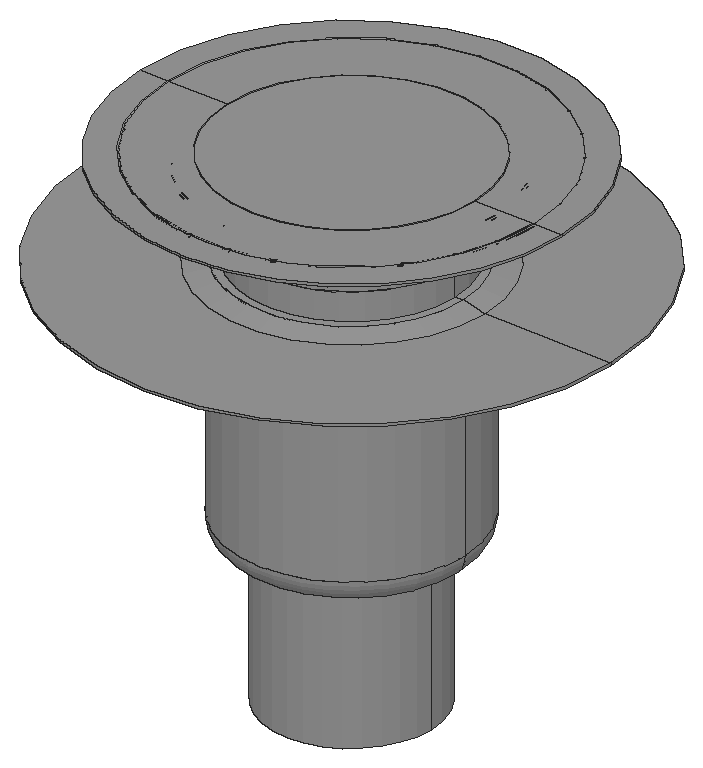
Revit family "ACO AUS Gully 157 Telescopic - Vinyl Top - Vertical Outlet with Mechanical Flange - 170mm 2", category Plumbing Fixtures, host Floor, Revit 2014
Parameters (values of type "142192 - Adjustable Height without FAT SS 304")
  Website = "www.acoaus.com.au"
  Watermarked By = "www.acoaus.com.au"
  Water Marked With = "BIM Manager Premium Suite"  # constant formula
  Water Mark 2 = "This file is water marked and users are prohibited to reproduce, adapt, distribute this information"  # constant formula
  Water Mark 1 = "This file is the property of ACO Passavant"  # constant formula
  Waste Connection = no
  Telephone = "+61 (2) 4747 4000"  # constant formula
  Square Size = 200.000 mm
  Seepage Water Removal Pipe End = -if(Square Size = 200.000 mm, 8.500 mm, 25.000 mm)  # -8.500 mm
  Product Type = "Point Drainage"  # constant formula
  Product Range = "ACO Gully 157"  # constant formula
  Product Code 413027 = "N/A"
  Product Code 413026 = "1.0 litre removable strainer -Stainless steel grade 304 -  0.6kg"
  Product Code 408216 = "N/A"
  Product Code 408213 = "N/A"
  Product Code 408206 = "Waterproof bonding flange - Stainless steel grade 304 - 1.9kg"
  Product Code 408203 = "0.3 litre removable strainer - Stainless steel grade 304 - 0.3kg"
  Product Code 142006 = "N/A"
  Product Code 142005 = "N/A"
  Product Code 142004 = "N/A"
  Product Code 142003 = "N/A"
  Product Code 142002 = "N/A"
  Product Code 142001 = "N/A"
  Price = "POA - contact ACO "  # constant formula
  Outlet Diameter (mm) = "110"  # constant formula
  Material = Stainless Steel AISI 304
  Manufacturer = "ACO Polycrete"  # constant formula
  Load Class = "A15 - C250 (EN 1253) and D210 (AS 3996)\r\n"  # constant formula
  Gully Weight (Kg) = "4"
  Gully Void Start [instance] = 0.000 mm
  Gully Top Size (mm) = "To suit 200x200 grates"  # constant formula
  Gully Top = Grating 200 x 200mm  # yes
  Gully Recycled Material Content = "20 - 30 %"  # constant formula
  Gully Recyclable = "Fully Recyclable"  # constant formula
  Gully Product Description = "ACO Gully 157 adjustable height gully with integrated clamping flange - DN100 vertical outlet with round vinyl clamp top section without FAT - grade 304"
  Gully Product Code = "142192"
  Gully Material = "Stainless steel grade 304"
  Gully Colour = "passivated stainless steel surface ( matt grey)"  # constant formula
  Grating Product Code 97367 = "N/A"
  Grating Product Code 97146 = "Load Class M125 (EN 1253) - Ladder Grating - Plain  - Stainless steel grade 304 - 170mm dia x 25mm - 1.6kg"
  Foul Air Trap Seal Recycled Material Content = "N/A"
  Foul Air Trap Seal Recyclable = "N/A"
  Foul Air Trap Seal Material = "N/A"
  Foul Air Trap Seal Colour = "N/A"
  Flow Rate (l/s) = "12.6"
  97367 - 170mm dia - Ladder Grating - Plain - SS 316 [instance] = no
  97146 - 170mm dia - Ladder Grating - Plain - SS 304 [instance] = yes
  413027 - 1.0 litre removable strainer SS316 [instance] = no
  413026 - 1.0 litre removable strainer SS304 [instance] = no
  408216 - Waterproof bonding flange SS316 [instance] = no
  408213 - 0.3 litre removable strainer SS316 [instance] = no
  408206 - Waterproof bonding flange SS304 [instance] = no
  408203 - 0.3 litre removable strainer SS304 [instance] = no
  408057 - Telescopic Vertical Gully & 408205 - Friction Ring = yes
  Grating Depth = if(Square Size = 200.000 mm, 25.000 mm, 25.000 mm)  # 25.000 mm
  Grating 200 x 200mm = Square Size = 200.000 mm  # yes
  Floor to Gully Height [instance] = if(FFL To Gully Top Height > 93.000 mm, 93.000 mm, if(and(FFL To Gully Top Height > 67.000 mm, FFL To Gully Top Height < 93.000 mm), FFL To Gully Top Height, if(FFL To Gully Top Height < 67.000 mm, 67.000 mm, FFL To Gully Top Height)))  # 67.000 mm
  Floor Void End [instance] = -(Floor to Gully Height + 170.000 mm)  # -237.000 mm
  Fax = "+61 (2) 4747 4029"  # constant formula
  FFL To Gully Top Height [instance] = 48.000 mm
  E-mail Sales = "sales@acoaus.com.au"
  Address = "134-140 Old Bathurst Road, Emu Plains, NSW 2750, Australia\r\n"  # constant formula
  Foul Air Trap &  Foul Air Trap Support Ring = no
  142006 - Retention chain connecting removable FAT to grate - SS316 [instance] = no
  142005 - Retention chain connecting removable strainer to grate - SS316 [instance] = no
  142004 - Retention chain connecting FAT to removable strainer -  SS316 [instance] = no
  142003 - Retention chain connecting fixed strainer to removable strainer - SS316 [instance] = no
  142002 - Retention chain connecting fixed strainer to FAT - SS316 [instance] = no
  142001 - Fixed strainer to suit a 110 mm outlet - SS316 [instance] = no
Reference planes
  plane 1 "Center (Front/Back)": y = 0
  plane 2: z = 0
  plane 3 "Center (Left/Right)": x = 0
Forms (mm)
  Revolve 1, solid, material "Stainless Steel AISI 304" <- "Material", visible <- "Gully Top"
    sketch origin (0, 0, -10) x (1, 0, 0) y (0, 0, 1)
      loop
        line (-71, -90) -> (-69.5, -90) -> (-69.5, -36.183)
        arc (-69.5, -36.183) -> (-71.076, -32.129) -> (-74.977, -30.206) r 6
        line (-74.977, -30.206) -> (-77, -30.029) -> (-77, -24)
        arc (-77, -24) -> (-78.611, -20.111) -> (-82.5, -18.5) r 5.5
        line (-82.5, -18.5) -> (-88.25, -18.5)
        arc (-88.25, -18.5) -> (-95.124, -15.937) -> (-98.642, -9.5) r 10.5
        line (-98.642, -9.5) -> (-97, -9.5) -> (-97, 3)
        arc (-97, 3) -> (-97.879, 5.121) -> (-100, 6) r 3
        line (-100, 6) -> (-120.057, 6)
        arc (-120.057, 6) -> (-120.631, 6.114) -> (-121.118, 6.439) r 1.5
        line (-121.118, 6.439) -> (-123.8, 9.121)
        arc (-123.8, 9.121) -> (-124.773, 9.772) -> (-125.921, 10) r 3
        line (-125.921, 10) -> (-144.7, 10) -> (-144.7, 8.5) -> (-125.921, 8.5)
        arc (-125.921, 8.5) -> (-125.347, 8.386) -> (-124.861, 8.061) r 1.5
        line (-124.861, 8.061) -> (-122.179, 5.379)
        arc (-122.179, 5.379) -> (-121.205, 4.728) -> (-120.057, 4.5) r 3
        line (-120.057, 4.5) -> (-100, 4.5)
        arc (-100, 4.5) -> (-98.939, 4.061) -> (-98.5, 3) r 1.5
        line (-98.5, 3) -> (-98.5, -8) -> (-100.25, -8)
        arc (-100.25, -8) -> (-96.735, -16.485) -> (-88.25, -20) r 12
        line (-88.25, -20) -> (-82.5, -20)
        arc (-82.5, -20) -> (-79.672, -21.172) -> (-78.5, -24) r 4
        line (-78.5, -24) -> (-78.5, -31.403) -> (-75.108, -31.7)
        arc (-75.108, -31.7) -> (-72.182, -33.143) -> (-71, -36.183) r 4.5
        line (-71, -36.183) -> (-71, -90)
      axis (0, -90) -> (0, 10)
    angle from 0 to 360
  Extrusion 2, solid, material "Stainless Steel AISI 304" <- "Material", visible <- "Gully Top"
    sketch origin (-77.5, -77.5, -25) x (0, 1, 0) y (-1, 0, 0)
      loop
        circle (77.5, -77.5) r 85
    from 0 to 25 <- "Grating Depth"
  Extrusion 3, void
    sketch origin (0, 0, 0) x (1, 0, 0) y (0, 1, 0)
      loop
        circle (0, 0) r 144.7
    from 0 to -237 <- "Floor Void End"
  Revolve 4, solid, material "Stainless Steel AISI 304" <- "Material", visible <- "Foul Air Trap &  Foul Air Trap Support Ring"
    sketch origin (0, 0, 3.125) x (1, 0, 0) y (0, 0, 1)
      loop
        line (57, -159.145) -> (55.5, -159.145) -> (55.5, -208.125)
        arc (55.5, -208.125) -> (49.642, -222.267) -> (35.5, -228.125) r 20
        line (35.5, -228.125) -> (0, -228.125) -> (0, -229.625) -> (35.5, -229.625)
        arc (35.5, -229.625) -> (50.703, -223.328) -> (57, -208.125) r 21.5
        line (57, -208.125) -> (57, -159.145)
      loop
        line (62, -124.625) -> (62, -126.625)
        arc (62, -126.625) -> (61.561, -127.686) -> (60.5, -128.125) r 1.5
        line (60.5, -128.125) -> (58.25, -128.125)
        arc (58.25, -128.125) -> (43.754, -134.129) -> (37.75, -148.625) r 20.5
        line (37.75, -148.625) -> (37.75, -169.145) -> (39.25, -169.145) -> (39.25, -148.625)
        arc (39.25, -148.625) -> (44.815, -135.19) -> (58.25, -129.625) r 19
        line (58.25, -129.625) -> (60.5, -129.625)
        arc (60.5, -129.625) -> (62.621, -128.746) -> (63.5, -126.625) r 3
        line (63.5, -126.625) -> (63.5, -124.625) -> (62, -124.625)
      axis (0, -229.625) -> (0, -124.625)
    angle from 0 to 360
  Revolve 5, solid, material "Rubber, Nitrile", visible <- "Foul Air Trap &  Foul Air Trap Support Ring"
    sketch origin (0, 0, 0) x (1, 0, 0) y (0, 0, 1)
      loop
        line (-63.5, -121.5) -> (-77, -121.5) -> (-77, -142.5) -> (-63.5, -142.5) -> (-63.5, -137) -> (-55.5, -137) -> (-55.5, -127) -> (-63.5, -127) -> (-63.5, -121.5)
      axis (0, -142.5) -> (0, -121.5)
    angle from 0 to 360
  Extrusion 6, void
    sketch origin (0, 0, -67) x (0, 1, 0) y (-1, 0, 0)
      loop
        circle (0, 0) r 178.5
    from 0 <- "Gully Void Start" to -269
  Revolve 7, solid, material "Stainless Steel AISI 304" <- "Material"
    sketch origin (0, 0, 0) x (1, 0, 0) y (0, 0, 1)
      loop
        arc (-121.118, -3.561) -> (-120.631, -3.886) -> (-120.057, -4) r 1.5
        line (-120.057, -4) -> (-100, -4)
        arc (-100, -4) -> (-97.879, -4.879) -> (-97, -7) r 3
        line (-97, -7) -> (-97, -19.5) -> (-98.642, -19.5)
        arc (-98.642, -19.5) -> (-95.124, -25.937) -> (-88.25, -28.5) r 10.5
        line (-88.25, -28.5) -> (-85, -28.5) -> (-85, 0) -> (-125.921, 0)
        arc (-125.921, 0) -> (-124.773, -0.228) -> (-123.8, -0.879) r 3
        line (-123.8, -0.879) -> (-121.118, -3.561)
      axis (0, 0) -> (0, -28.5)
    angle from 0 to 360
Lines and regions (mm)
  model lines, visible <- "Grating 200 x 200mm"
    curve 1: line (-0.5, 84.999, 0) -> (-0.5, -85.25, 0)
    curve 2: line (0.5, 84.999, 0) -> (0.5, -85.25, 0)
    curve 3: line (72.224, 44.819, 0) -> (72.224, -44.819, 0)
    curve 4: line (73.224, 43.166, 0) -> (73.224, -43.166, 0)
    curve 5: line (23.741, 81.617, 0) -> (23.741, -81.617, 0)
    curve 6: line (24.741, 81.32, 0) -> (24.741, -81.32, 0)
    curve 7: line (47.982, 70.162, 0) -> (47.982, -70.162, 0)
    curve 8: line (48.982, 69.467, 0) -> (48.982, -69.467, 0)
    curve 9: line (-72.224, 44.75, 0) -> (-72.224, -44.819, 0)
    curve 10: line (-73.224, 44.75, 0) -> (-73.224, -43.166, 0)
    curve 11: line (-23.741, 81.617, 0) -> (-23.741, -81.617, 0)
    curve 12: line (-24.741, 81.32, 0) -> (-24.741, -81.32, 0)
    curve 13: line (-47.982, 70.162, 0) -> (-47.982, -70.162, 0)
    curve 14: line (-48.982, 69.467, 0) -> (-48.982, -69.467, 0)
  model lines, visible <- "Grating 200 x 200mm", not visible
    curve 15: line (-0.5, 84.999, 0) -> (-0.5, -85.25, 0)
    curve 16: line (0.5, 84.999, 0) -> (0.5, -85.25, 0)
    curve 17: line (72.224, 44.819, 0) -> (72.224, -44.819, 0)
    curve 18: line (73.224, 43.166, 0) -> (73.224, -43.166, 0)
    curve 19: line (23.741, 81.617, 0) -> (23.741, -81.617, 0)
    curve 20: line (24.741, 81.32, 0) -> (24.741, -81.32, 0)
    curve 21: line (47.982, 70.162, 0) -> (47.982, -70.162, 0)
    curve 22: line (48.982, 69.467, 0) -> (48.982, -69.467, 0)
    curve 23: line (-72.224, 44.75, 0) -> (-72.224, -44.819, 0)
    curve 24: line (-73.224, 44.75, 0) -> (-73.224, -43.166, 0)
    curve 25: line (-23.741, 81.617, 0) -> (-23.741, -81.617, 0)
    curve 26: line (-24.741, 81.32, 0) -> (-24.741, -81.32, 0)
    curve 27: line (-47.982, 70.162, 0) -> (-47.982, -70.162, 0)
    curve 28: line (-48.982, 69.467, 0) -> (-48.982, -69.467, 0)
Dimensions and locks
  locked: Revolve 1 sketch curve to Revolve 1 sketch curve  (x2)
  Extrusion 2 to nested 1 = 67.000 mm
  curve 1 to plane 3 "Center (Left/Right)" to curve 2 = 0.500 mm locked, 0.500 mm locked
  Revolve 4 sketch curve to Revolve 4 sketch curve to Revolve 4 sketch curve to Revolve 4 sketch curve to Revolve 4 sketch curve to Revolve 4 sketch curve to Revolve 4 sketch curve to Revolve 4 sketch curve to Revolve 4 sketch curve to Revolve 4 sketch curve to Revolve 4 sketch curve to Revolve 4 sketch curve to Revolve 4 sketch curve = 1.500 mm locked, 1.500 mm, 0.000 mm locked, 2.250 mm locked, 0.000 mm locked, 1.250 mm locked, 1.500 mm locked, 16.250 mm locked, 1.500 mm locked, 2.250 mm locked, 0.000 mm locked, 35.500 mm locked
  Revolve 4 sketch curve to Revolve 4 sketch curve to Revolve 4 sketch curve to Revolve 4 sketch curve to Revolve 4 sketch curve to Revolve 4 sketch curve to Revolve 4 sketch curve to Revolve 4 sketch curve to Revolve 4 sketch curve to Revolve 4 sketch curve to Revolve 4 sketch curve = 3.500 mm locked, 1.500 mm locked, 19.000 mm locked, 0.000 mm locked, 10.520 mm locked, 10.000 mm locked, 38.980 mm locked, 0.000 mm locked, 20.000 mm locked, 1.500 mm locked
  Revolve 5 sketch curve to Revolve 5 sketch curve to Revolve 5 sketch curve to Revolve 5 sketch curve = 5.500 mm locked, 10.000 mm locked, 5.500 mm locked
  Revolve 5 sketch curve to Revolve 5 sketch curve to Revolve 5 sketch curve to Revolve 5 sketch curve = 13.500 mm locked, 0.000 mm locked, 8.000 mm locked
  locked: nested 1 to Revolve 4 sketch curve at 54.5
  "FFL To Gully Top Height": host floor to host floor
  locked: Revolve 1 sketch curve to Revolve 1 sketch curve at 70
  locked: Revolve 1 sketch curve to Revolve 1 sketch curve at 1.5
  equal spacing: Revolve 1 sketch curve, Revolve 1 sketch curve, Revolve 1 sketch curve
  locked: Revolve 1 sketch curve to Revolve 1 sketch curve at 12.5
  Revolve 1 sketch curve to Revolve 1 sketch curve to Revolve 1 sketch curve = 1.500 mm locked, 9.000 mm locked
  locked: Revolve 1 sketch curve to Revolve 1 sketch curve at 53.817
  aligned and locked: level to plane 2
  aligned and locked: Revolve 4 to Revolve 5 sketch curve
  aligned and locked: Extrusion 6 sketch curve to nested 1
  aligned and locked: nested 2 to nested 1
  aligned and locked: nested 1 to nested 3
  aligned and locked: nested 4 to plane 2
  aligned and locked: plane 3 "Center (Left/Right)" to nested 4
  aligned and locked: nested 5 to plane 2
  aligned and locked: nested 5 to plane 1 "Center (Front/Back)"
  aligned and locked: Revolve 1 sketch curve to nested 4  (x9)
  aligned and locked: Extrusion 3 sketch curve to Revolve 1  (x2)
  aligned and locked: Extrusion 6 to nested 1
  aligned and locked: nested 3 to plane 1 "Center (Front/Back)"
  aligned and locked: plane 3 "Center (Left/Right)" to nested 2
  aligned and locked: plane 3 "Center (Left/Right)" to nested 1
  aligned and locked: plane 1 "Center (Front/Back)" to Extrusion 2 sketch curve  (x2)
  aligned and locked: Revolve 7 sketch curve to plane 3 "Center (Left/Right)"
Automatic sketch dimensions
  Revolve 4 sketch curve to plane 3 "Center (Left/Right)" = 0.000 mm  (x2)
  level to Revolve 4 sketch curve = 3.125 mm
  Revolve 4 sketch curve to Revolve 4 sketch curve = 30.000 mm
  Revolve 5 sketch curve to level = 0.000 mm
  Revolve 5 sketch curve to plane 3 "Center (Left/Right)" = 0.000 mm
  Revolve 5 sketch curve to Revolve 5 sketch curve = 25.000 mm
  Revolve 5 sketch curve to plane 3 "Center (Left/Right)" = 55.500 mm
  Revolve 1 sketch curve to Revolve 1 sketch curve = 0.000 mm  (x12)
  Revolve 1 sketch curve to plane 3 "Center (Left/Right)" = 0.000 mm
  Revolve 1 sketch curve to level = 0.000 mm
  Revolve 1 sketch curve to level = 1.939 mm
  Revolve 1 sketch curve to level = 0.879 mm
  Revolve 1 sketch curve to level = 4.621 mm
  Revolve 1 sketch curve to level = 3.561 mm
  Revolve 1 sketch curve to Revolve 1 sketch curve = 1.061 mm
  Revolve 1 sketch curve to level = 41.700 mm
  Revolve 1 sketch curve to Revolve 1 sketch curve = 1.500 mm
  Revolve 1 sketch curve to Revolve 1 sketch curve = 0.297 mm
  Revolve 1 sketch curve to Revolve 1 sketch curve = 1.374 mm
  Revolve 1 sketch curve to Revolve 1 sketch curve = 0.131 mm
  level to Revolve 1 sketch curve = 25.000 mm
  Extrusion 2 sketch curve to plane 3 "Center (Left/Right)" = 0.000 mm
  plane 3 "Center (Left/Right)" to Extrusion 2 sketch curve = 85.000 mm
  curve 1 to curve 2 = 0.000 mm  (x2)
  curve 2 to curve 5 = 3.633 mm
  curve 1 to curve 11 = 3.633 mm
  curve 11 to curve 12 = 0.298 mm
  curve 5 to curve 6 = 0.298 mm
  curve 12 to curve 13 = 11.158 mm
  curve 6 to curve 7 = 11.158 mm
  curve 13 to curve 14 = 0.694 mm
  curve 7 to curve 8 = 0.694 mm
  curve 14 to curve 9 = 24.648 mm
  curve 8 to curve 3 = 24.648 mm
  curve 3 to curve 4 = 1.653 mm
  curve 9 to curve 10 = 1.653 mm
  curve 4 to curve 4 = 86.332 mm
  curve 10 to curve 9 = 87.916 mm
  curve 10 to curve 9 = 0.000 mm
  curve 4 to curve 3 = 1.653 mm
  curve 9 to curve 14 = 24.717 mm
  curve 3 to curve 8 = 24.648 mm
  curve 8 to curve 7 = 0.694 mm
  curve 14 to curve 13 = 0.694 mm
  curve 7 to curve 6 = 11.158 mm
  curve 13 to curve 12 = 11.158 mm
  curve 6 to curve 5 = 0.298 mm
  curve 12 to curve 11 = 0.298 mm
  curve 11 to curve 1 = 3.381 mm
  curve 4 to curve 3 = 1.000 mm
  curve 3 to curve 8 = 23.241 mm
  curve 8 to curve 7 = 1.000 mm
  curve 7 to curve 6 = 23.241 mm
  curve 6 to curve 5 = 1.000 mm
  curve 5 to curve 2 = 23.241 mm
  curve 2 to curve 1 = 1.000 mm
  curve 1 to curve 11 = 23.241 mm
  curve 11 to curve 12 = 1.000 mm
  curve 12 to curve 13 = 23.241 mm
  curve 13 to curve 14 = 1.000 mm
  curve 14 to curve 9 = 23.241 mm
  curve 9 to curve 10 = 1.000 mm
  curve 15 to curve 16 = 0.000 mm  (x2)
  curve 16 to curve 19 = 3.633 mm
  curve 15 to curve 25 = 3.633 mm
  curve 25 to curve 26 = 0.298 mm
  curve 19 to curve 20 = 0.298 mm
  curve 26 to curve 27 = 11.158 mm
  curve 20 to curve 21 = 11.158 mm
  curve 27 to curve 28 = 0.694 mm
  curve 21 to curve 22 = 0.694 mm
  curve 28 to curve 23 = 24.648 mm
  curve 22 to curve 17 = 24.648 mm
  curve 17 to curve 18 = 1.653 mm
  curve 23 to curve 24 = 1.653 mm
  curve 18 to curve 18 = 86.332 mm
  curve 24 to curve 23 = 87.916 mm
  curve 24 to curve 23 = 0.000 mm
  curve 18 to curve 17 = 1.653 mm
  curve 23 to curve 28 = 24.717 mm
  curve 17 to curve 22 = 24.648 mm
  curve 22 to curve 21 = 0.694 mm
  curve 28 to curve 27 = 0.694 mm
  curve 21 to curve 20 = 11.158 mm
  curve 27 to curve 26 = 11.158 mm
  curve 20 to curve 19 = 0.298 mm
  curve 26 to curve 25 = 0.298 mm
  curve 25 to curve 15 = 3.381 mm
  curve 18 to curve 17 = 1.000 mm
  curve 17 to curve 22 = 23.241 mm
  curve 22 to curve 21 = 1.000 mm
  curve 21 to curve 20 = 23.241 mm
  curve 20 to curve 19 = 1.000 mm
  curve 19 to curve 16 = 23.241 mm
  curve 16 to curve 15 = 1.000 mm
  curve 15 to curve 25 = 23.241 mm
  curve 25 to curve 26 = 1.000 mm
  curve 26 to curve 27 = 23.241 mm
  curve 27 to curve 28 = 1.000 mm
  curve 28 to curve 23 = 23.241 mm
  curve 23 to curve 24 = 1.000 mm
  Revolve 7 sketch curve to level = 0.000 mm
  Revolve 7 sketch curve to plane 3 "Center (Left/Right)" = 125.921 mm
  Revolve 7 sketch curve to level = 0.879 mm
  Revolve 7 sketch curve to Revolve 7 sketch curve = 2.121 mm
  Revolve 7 sketch curve to level = 3.561 mm
  Revolve 7 sketch curve to Revolve 7 sketch curve = 2.682 mm
  Revolve 7 sketch curve to Revolve 7 sketch curve = 1.061 mm
  Revolve 7 sketch curve to Revolve 7 sketch curve = 20.057 mm
  Revolve 7 sketch curve to Revolve 7 sketch curve = 1.358 mm
  Revolve 7 sketch curve to Revolve 7 sketch curve = 1.642 mm
  Revolve 7 sketch curve to Revolve 7 sketch curve = 8.750 mm
  Revolve 7 sketch curve to Revolve 7 sketch curve = 12.000 mm
  Revolve 7 sketch curve to level = 4.000 mm
  Revolve 7 sketch curve to Revolve 7 sketch curve = 11.000 mm
  Revolve 7 sketch curve to Revolve 7 sketch curve = 1.500 mm
  Revolve 7 sketch curve to Revolve 7 sketch curve = 971.500 mm
  level to Revolve 7 sketch curve = 1000.000 mm
Nested families
  nested 1: "Vertical Gully Outlet" at (0, 0, 0), visible <- "408057 - Telescopic Vertical Gully & 408205 - Friction Ring", type "408057 - Telescopic - Vertical Outlet Ø - 110mm"
  nested 2: "Gully Detail Vertical" at (0, 0, -67) x (1, 0, 0) z (0, -1, 0), type "Vertical Outlet Gully"
  nested 3: "Gully Detail Vertical" at (0, 0, -67) x (0, 1, 0) z (1, 0, 0), type "Vertical Outlet Gully"
  nested 4: "Vinyl Gully Top" at (0, 0, 0) x (1, 0, 0) z (0, -1, 0), type "Front & Rare"
  nested 5: "Vinyl Gully Top" at (0, 0, 0) x (0, 1, 0) z (1, 0, 0), type "Front & Rare"
Connectors
  piping at (0, 0, -336), diameter 110
    settings: on nested 1, index 1, connector inside diameter 110 mm, connector length 0.000 mm, flow factor 0, pipe flow 0.0 L/s, pressure drop 0.0 Pa, fitting loss kfactor 0, connector angle 0.00°, fixture units 0, engagement length 0.000 mm, angle of deflection 0.00°, flow configuration 0, flow direction 0, fitting loss method 0, system type 16, joint type 0, gender type 0, connector reference index -1, connector utility 0, adjustable connector no, is connector primary yes, connector description ""
Definition of nested family "Vertical Gully Outlet"
  Parameters (values of type "408057 - Telescopic - Vertical Outlet Ø - 110mm")
    Vertical Void Radius = 53.500 mm  # constant formula
    Vertical Outlet = yes
    Type Comments = "﻿﻿  ﻿         ​    ﻿            ​            ​      ﻿      ﻿   ​     ﻿    ﻿   ​      ﻿​             ﻿         ​  ﻿      ​ ​    ​      ​  ​      ​       ​      ​            ﻿        ​      ﻿      ﻿       ﻿        ​    ​​ ​ ​​​ ​    ​﻿ ​​​         ﻿﻿                          ​﻿                         ﻿     ​                      ​         ​ ﻿       ​   ​              ​       ​  ​               ﻿         ​​                                 ​       ​                 ﻿          ﻿   ​​ ​          ﻿ ​             ﻿﻿"
    Top Plate Radius = 178.500 mm
    Vertical Height from Floor = 67.000 mm
    Keynote = "﻿﻿  ﻿         ​    ﻿            ​            ​      ﻿      ﻿   ​     ﻿    ﻿   ​      ﻿​             ﻿         ​  ﻿      ​ ​    ​      ​  ​      ​       ​      ​            ﻿        ​      ﻿      ﻿       ﻿        ​    ​​ ​ ​​​ ​    ​﻿ ​​​         ﻿﻿                          ​﻿                         ﻿     ​                      ​         ​ ﻿       ​   ​              ​       ​  ​               ﻿         ​​                                 ​       ​                 ﻿          ﻿   ​​ ​          ﻿ ​             ﻿﻿"
    Gully Height = if(Vertical Outlet, 170.000 mm, 0.000 mm)  # 170.000 mm
    Description = "﻿﻿  ﻿         ​    ﻿            ​            ​      ﻿      ﻿   ​     ﻿    ﻿   ​      ﻿​             ﻿         ​  ﻿      ​ ​    ​      ​  ​      ​       ​      ​            ﻿        ​      ﻿      ﻿       ﻿        ​    ​​ ​ ​​​ ​    ​﻿ ​​​         ﻿﻿                          ​﻿                         ﻿     ​                      ​         ​ ﻿       ​   ​              ​       ​  ​               ﻿         ​​                                 ​       ​                 ﻿          ﻿   ​​ ​          ﻿ ​             ﻿﻿"
    Assembly Code = "﻿﻿  ﻿         ​    ﻿            ​            ​      ﻿      ﻿   ​     ﻿    ﻿   ​      ﻿​             ﻿         ​  ﻿      ​ ​    ​      ​  ​      ​       ​      ​            ﻿        ​      ﻿      ﻿       ﻿        ​    ​​ ​ ​​​ ​    ​﻿ ​​​         ﻿﻿                          ​﻿                         ﻿     ​                      ​         ​ ﻿       ​   ​              ​       ​  ​               ﻿         ​​                                 ​       ​                 ﻿          ﻿   ​​ ​          ﻿ ​             ﻿﻿"
  Reference planes
    plane 1 "Center (Front/Back)": y = 0
    plane 2: z = 0
    plane 3 "Center (Left/Right)": x = 0
    plane 4: z = -171
  Forms (mm)
    Revolve 1, solid, material "Stainless Steel AISI 304"
      sketch origin (0, 0, 0) x (1, 0, 0) y (0, 0, 1)
        loop
          line (-53.5, -235.5) -> (-62, -235.5)
          arc (-62, -235.5) -> (-72.607, -231.107) -> (-77, -220.5) r 15
          line (-77, -220.5) -> (-77, -67) -> (-178.5, -67) -> (-178.5, -68.5) -> (-78.5, -68.5) -> (-78.5, -220.5)
          arc (-78.5, -220.5) -> (-73.667, -232.167) -> (-62, -237) r 16.5
          line (-62, -237) -> (-53.5, -237) -> (-53.5, -235.5)
        axis (0, -237) -> (0, -67)
      angle from 0 to 360
    Revolve 2, solid, material "Stainless Steel AISI 304", visible <- "Vertical Outlet"
      sketch origin (0, 0, 0) x (1, 0, 0) y (0, 0, 1)
        loop
          line (-53.5, -336) -> (-53.5, -237) -> (-55, -237) -> (-55, -336) -> (-53.5, -336)
        axis (0, -336) -> (0, -237)
      angle from 0 to 360
    Revolve 3, solid, material "Rubber, Nitrile"
      sketch origin (0, 0, 0) x (1, 0, 0) y (0, 0, 1)
        loop
          line (-92, -67) -> (-77, -67) -> (-77, -88) -> (-71, -88) -> (-71, -64) -> (-77, -64) -> (-92, -67)
        axis (0, -88) -> (0, -64)
      angle from 0 to 360
  Dimensions and locks
    plane 3 "Center (Left/Right)" to Revolve 1 sketch curve to Revolve 1 sketch curve = 77.000 mm locked, 1.500 mm locked
    "Vertical Height from Floor": host floor to Revolve 1 sketch curve
    Revolve 1 sketch curve to Revolve 1 sketch curve to Revolve 1 sketch curve to Revolve 1 sketch curve = 0.000 mm locked, 15.000 mm locked, 1.500 mm locked
    "Gully Height": Revolve 1 sketch curve to Revolve 1 sketch curve
    "Vertical Void Radius": plane 3 "Center (Left/Right)" to Revolve 1 sketch curve
    locked: Revolve 2 sketch curve to Revolve 2 sketch curve at 99
    locked: Revolve 2 sketch curve to Revolve 2 sketch curve at 1.5
    "Vertical Void Radius": plane 3 "Center (Left/Right)" to Revolve 2 sketch curve
    locked: Revolve 1 to Revolve 2 sketch curve at 1.5
    "Top Plate Radius": plane 3 "Center (Left/Right)" to Revolve 1 sketch curve
    locked: Revolve 1 sketch curve to Revolve 1 sketch curve at 1.5
    Revolve 3 sketch curve to Revolve 3 sketch curve to Revolve 3 sketch curve = 6.000 mm locked, 15.000 mm locked
    Revolve 3 sketch curve to Revolve 3 sketch curve to Revolve 3 sketch curve = 3.000 mm locked, 21.000 mm locked
    locked: Revolve 1 to Revolve 3 at 21
    aligned and locked: level to plane 2
  Automatic sketch dimensions
    Revolve 3 sketch curve to plane 4 = 83.000 mm
    Revolve 3 sketch curve to plane 3 "Center (Left/Right)" = 0.000 mm
    Revolve 3 sketch curve to Revolve 3 sketch curve = 0.000 mm
    Revolve 3 sketch curve to level = 39.000 mm
    Revolve 3 sketch curve to level = 14.000 mm
    Revolve 3 sketch curve to plane 3 "Center (Left/Right)" = 92.000 mm
    Revolve 1 sketch curve to plane 3 "Center (Left/Right)" = 0.000 mm
    level to Revolve 1 sketch curve = 200.000 mm
    Revolve 1 sketch curve to Revolve 1 sketch curve = 20.000 mm
    Revolve 2 sketch curve to level = 0.000 mm
    Revolve 2 sketch curve to plane 3 "Center (Left/Right)" = 0.000 mm
    level to Revolve 2 sketch curve = 10.000 mm
Definition of nested family "Gully Detail Vertical"
  Parameters (values of type "Vertical Outlet Gully")
    Vertical = yes
    Type Comments = "﻿﻿  ﻿         ​    ﻿            ​            ​      ﻿      ﻿   ​     ﻿    ﻿   ​      ﻿​             ﻿         ​  ﻿      ​ ​    ​      ​  ​      ​       ​      ​            ﻿        ​      ﻿      ﻿       ﻿        ​    ​​ ​ ​​​ ​    ​﻿ ​​​         ﻿﻿                          ​﻿                         ﻿     ​                      ​         ​ ﻿       ​   ​              ​       ​  ​               ﻿         ​​                                 ​       ​                 ﻿          ﻿   ​​ ​          ﻿ ​             ﻿﻿"
    Top Piece Height = 170.000 mm
    Top Dia = 157.000 mm
    Top Connecting Plate Dia = 357.000 mm
    Keynote = "﻿﻿  ﻿         ​    ﻿            ​            ​      ﻿      ﻿   ​     ﻿    ﻿   ​      ﻿​             ﻿         ​  ﻿      ​ ​    ​      ​  ​      ​       ​      ​            ﻿        ​      ﻿      ﻿       ﻿        ​    ​​ ​ ​​​ ​    ​﻿ ​​​         ﻿﻿                          ​﻿                         ﻿     ​                      ​         ​ ﻿       ​   ​              ​       ​  ​               ﻿         ​​                                 ​       ​                 ﻿          ﻿   ​​ ​          ﻿ ​             ﻿﻿"
    Botttom Piece Height = 99.000 mm
    Bottom Outlet Dia = 110.000 mm
    Assembly Code = "﻿﻿  ﻿         ​    ﻿            ​            ​      ﻿      ﻿   ​     ﻿    ﻿   ​      ﻿​             ﻿         ​  ﻿      ​ ​    ​      ​  ​      ​       ​      ​            ﻿        ​      ﻿      ﻿       ﻿        ​    ​​ ​ ​​​ ​    ​﻿ ​​​         ﻿﻿                          ​﻿                         ﻿     ​                      ​         ​ ﻿       ​   ​              ​       ​  ​               ﻿         ​​                                 ​       ​                 ﻿          ﻿   ​​ ​          ﻿ ​             ﻿﻿"
    A or B = 58.903 mm
  Reference planes
    plane 1 "Center (Front/Back)": y = 0
    plane 2: z = 0
    plane 3 "Center (Left/Right)": x = 0
  Lines and regions (mm)
    detail lines, in view "Ref. Level"
      curve 1: line (-178.5, 0, 0) -> (178.5, 0, 0)
      curve 2: line (178.5, 0, 0) -> (178.5, -1.5, 0)
      curve 4: line (-178.5, -1.5, 0) -> (-178.5, 0, 0)
      curve 23: line (62, -170, 0) -> (-62, -170, 0)
      curve 76: arc (-109.77, 0.002, 0) -> (-109.196, 0.183, 0) -> (-108.83, 0.66, 0) r 1
      curve 80: arc (109.938, 0.002, 0) -> (109.364, 0.183, 0) -> (108.998, 0.66, 0) r 1
    detail lines, in view "Ref. Level", detail levels medium+fine
      curve 3: line (178.5, -1.5, 0) -> (-178.5, -1.5, 0)
      curve 5: arc (-78.5, -3.5, 0) -> (-79.086, -2.086, 0) -> (-80.5, -1.5, 0) r 2
      curve 6: arc (80.5, -1.5, 0) -> (79.086, -2.086, 0) -> (78.5, -3.5, 0) r 2
      curve 7: line (-78.5, -58.903, 0) -> (-78.5, -3.5, 0)
      curve 8: line (78.5, -58.903, 0) -> (78.5, -3.5, 0)
      curve 9: arc (76.75, -61.934, 0) -> (78.031, -60.653, 0) -> (78.5, -58.903, 0) r 3.5
      curve 10: line (75.19, -62.835, 0) -> (76.75, -61.934, 0)
      curve 11: arc (75.19, -62.835, 0) -> (73.94, -65, 0) -> (75.19, -67.165, 0) r 2.5
      curve 16: arc (-78.5, -58.903, 0) -> (-78.031, -60.653, 0) -> (-76.75, -61.934, 0) r 3.5
      curve 17: line (-75.19, -62.835, 0) -> (-76.75, -61.934, 0)
      curve 18: arc (-75.19, -67.165, 0) -> (-73.94, -65, 0) -> (-75.19, -62.835, 0) r 2.5
      curve 19: line (-75.19, -67.165, 0) -> (-76.75, -68.066, 0)
      curve 20: arc (-76.75, -68.066, 0) -> (-78.031, -69.347, 0) -> (-78.5, -71.097, 0) r 3.5
      curve 21: line (-78.5, -153.5, 0) -> (-78.5, -71.097, 0)
      curve 22: arc (-78.5, -153.5, 0) -> (-73.667, -165.167, 0) -> (-62, -170, 0) r 16.5
      curve 60: arc (-157.916, 3.439, 0) -> (-160.152, 2.756, 0) -> (-161.624, 0.939, 0) r 4
      curve 61: arc (-163.015, 0.002, 0) -> (-162.176, 0.258, 0) -> (-161.624, 0.939, 0) r 1.5
      curve 62: line (-117.152, 3.439, 0) -> (-157.916, 3.439, 0)
      curve 63: line (-161.416, 10.978, 0) -> (-154.373, 3.439, 0)
      curve 64: line (106.007, 3.439, 0) -> (-105.839, 3.439, 0)
      curve 65: line (158.084, 3.439, 0) -> (117.321, 3.439, 0)
      curve 66: arc (161.792, 0.939, 0) -> (160.32, 2.756, 0) -> (158.084, 3.439, 0) r 4
      curve 67: arc (161.792, 0.939, 0) -> (162.344, 0.258, 0) -> (163.183, 0.002, 0) r 1.5
      curve 68: line (-161.416, 10.978, 0) -> (-154.373, 3.439, 0)
      curve 70: line (160.488, 12.002, 0) -> (-160.32, 12.002, 0)
      curve 71: line (-160.32, 12.002, 0) -> (-161.416, 10.978, 0)
      curve 72: line (161.584, 10.978, 0) -> (160.488, 12.002, 0)
      curve 73: line (154.541, 3.439, 0) -> (161.584, 10.978, 0)
      curve 74: arc (-117.152, 3.439, 0) -> (-115.271, 2.67, 0) -> (-114.467, 0.802, 0) r 2.685
      curve 75: arc (-114.467, 0.802, 0) -> (-114.058, 0.069, 0) -> (-113.221, 0.002, 0) r 0.89
      curve 77: arc (-108.782, 0.844, 0) -> (-107.801, 2.698, 0) -> (-105.839, 3.439, 0) r 2.967
      curve 78: arc (117.321, 3.439, 0) -> (115.439, 2.67, 0) -> (114.636, 0.802, 0) r 2.685
      curve 79: arc (114.636, 0.802, 0) -> (114.226, 0.069, 0) -> (113.389, 0.002, 0) r 0.89
      curve 81: arc (108.95, 0.844, 0) -> (107.969, 2.698, 0) -> (106.007, 3.439, 0) r 2.967
    detail lines, in view "Ref. Level", visible <- "Vertical", detail levels medium+fine
      curve 12: line (75.19, -67.165, 0) -> (76.75, -68.066, 0)
      curve 13: arc (78.5, -71.097, 0) -> (78.031, -69.347, 0) -> (76.75, -68.066, 0) r 3.5
      curve 14: line (78.5, -153.5, 0) -> (78.5, -71.097, 0)
      curve 15: arc (62, -170, 0) -> (73.667, -165.167, 0) -> (78.5, -153.5, 0) r 16.5
      curve 24: arc (-55.5, -175, 0) -> (-57.543, -171.417, 0) -> (-61.416, -170, 0) r 6
      curve 26: arc (61.416, -170, 0) -> (57.543, -171.417, 0) -> (55.5, -175, 0) r 6
      curve 27: line (55, -178.017, 0) -> (55, -175, 0)
      curve 28: line (-55, -178.017, 0) -> (-55, -175, 0)
      curve 29: line (51.25, -181.733, 0) -> (55, -178.017, 0)
      curve 30: line (-51.25, -181.733, 0) -> (-55, -178.017, 0)
      curve 31: line (-51.25, -208.284, 0) -> (-51.25, -181.733, 0)
      curve 32: line (51.25, -208.284, 0) -> (51.25, -181.733, 0)
      curve 33: line (51.25, -208.284, 0) -> (55, -212, 0)
      curve 34: line (-51.25, -208.284, 0) -> (-55, -212, 0)
      curve 36: line (55, -261.536, 0) -> (53, -269, 0)
      curve 37: line (-53, -269, 0) -> (-55, -261.009, 0)
    detail lines, in view "Ref. Level", visible <- "Vertical", detail levels fine
      curve 25: line (55.5, -175, 0) -> (-55.5, -175, 0)
      curve 41: line (-78.5, -71.097, 0) -> (78.5, -71.097, 0)
      curve 44: line (-78.5, -153.5, 0) -> (78.5, -153.5, 0)
      curve 45: line (-51.25, -181.733, 0) -> (51.25, -181.733, 0)
      curve 46: line (-51.25, -208.284, 0) -> (51.25, -208.284, 0)
      curve 47: line (-55, -212, 0) -> (55, -212, 0)
      curve 48: line (-55, -261.009, 0) -> (55, -261.009, 0)
    detail lines, in view "Ref. Level", visible <- "Vertical"
      curve 35: line (-55, -261.009, 0) -> (-55, -212, 0)
      curve 38: line (53, -269, 0) -> (-53, -269, 0)
      curve 39: line (55, -261.536, 0) -> (55, -212, 0)
    detail lines, in view "Ref. Level", detail levels fine
      curve 40: line (-78.5, -58.903, 0) -> (78.5, -58.903, 0)
      curve 42: line (-76.75, -61.934, 0) -> (76.75, -61.934, 0)
      curve 43: line (-76.75, -68.066, 0) -> (76.75, -68.066, 0)
      curve 69: line (161.584, 10.978, 0) -> (-161.416, 10.978, 0)
      curve 82: line (-122.746, 19.502, 0) -> (-122.746, 12.002, 0)
      curve 83: line (-105.746, 19.502, 0) -> (-122.746, 19.502, 0)
      curve 84: line (-106.746, 21.502, 0) -> (-121.746, 21.502, 0)
      curve 85: line (-105.746, 12.002, 0) -> (-105.746, 19.502, 0)
      curve 86: line (-105.746, 19.502, 0) -> (-106.746, 21.502, 0)
      curve 87: line (-121.746, 21.502, 0) -> (-122.746, 19.502, 0)
      curve 88: line (-55.773, 19.502, 0) -> (-55.773, 12.002, 0)
      curve 89: line (-38.773, 19.502, 0) -> (-55.773, 19.502, 0)
      curve 90: line (-38.773, 12.002, 0) -> (-38.773, 19.502, 0)
      curve 91: line (-54.773, 21.502, 0) -> (-55.773, 19.502, 0)
      curve 92: line (-39.773, 21.502, 0) -> (-54.773, 21.502, 0)
      curve 93: line (-38.773, 19.502, 0) -> (-39.773, 21.502, 0)
      curve 94: line (122.914, 19.502, 0) -> (122.914, 12.002, 0)
      curve 95: line (105.914, 19.502, 0) -> (122.914, 19.502, 0)
      curve 96: line (106.914, 21.502, 0) -> (121.914, 21.502, 0)
      curve 97: line (105.914, 12.002, 0) -> (105.914, 19.502, 0)
      curve 98: line (105.914, 19.502, 0) -> (106.914, 21.502, 0)
      curve 99: line (121.914, 21.502, 0) -> (122.914, 19.502, 0)
      curve 100: line (55.941, 19.502, 0) -> (55.941, 12.002, 0)
      curve 101: line (38.941, 19.502, 0) -> (55.941, 19.502, 0)
      curve 102: line (38.941, 12.002, 0) -> (38.941, 19.502, 0)
      curve 103: line (54.941, 21.502, 0) -> (55.941, 19.502, 0)
      curve 104: line (39.941, 21.502, 0) -> (54.941, 21.502, 0)
      curve 105: line (38.941, 19.502, 0) -> (39.941, 21.502, 0)
    detail lines, in view "Ref. Level", detail levels coarse
      curve 49: line (178.5, -1.5, 0) -> (178.5, -66, 0)
      curve 50: line (-178.5, -1.5, 0) -> (-178.5, -170, 0)
      curve 51: line (-61.416, -170, 0) -> (-178.5, -170, 0)
    detail lines, in view "Ref. Level", visible <- "Vertical", detail levels coarse
      curve 52: line (-55, -212, 0) -> (-55, -170, 0)
      curve 53: line (55, -212, 0) -> (55, -170, 0)
      curve 54: line (-55, -261.009, 0) -> (-55, -269, 0)
      curve 55: line (-55, -269, 0) -> (-53, -269, 0)
      curve 56: line (55, -261.536, 0) -> (55, -269, 0)
      curve 57: line (53, -269, 0) -> (55, -269, 0)
      curve 58: line (178.5, -66, 0) -> (178.5, -170, 0)
      curve 59: line (60.795, -170, 0) -> (178.5, -170, 0)
  Dimensions and locks
    equal spacing: curve 4, plane 3 "Center (Left/Right)", curve 2
    "Top Connecting Plate Dia": curve 4 to curve 2
    equal spacing: curve 7, plane 3 "Center (Left/Right)", curve 8
    "Top Dia": curve 7 to curve 8
    equal spacing: curve 35, plane 3 "Center (Left/Right)", curve 39
    "Bottom Outlet Dia": curve 35 to curve 39
    curve 24 to curve 28 to curve 35 to curve 38 to curve 31 = 6.416 mm locked, 0.000 mm locked, 2.000 mm locked, 1.750 mm locked
    curve 32 to curve 38 to curve 39 to curve 27 to curve 26 = 1.750 mm locked, 2.000 mm locked, 0.000 mm locked, 6.416 mm locked
    equal spacing: curve 38, curve 48, curve 47, curve 46, curve 45, curve 25, curve 23, curve 44, curve 41, curve 43, curve 42, curve 40, curve 3, curve 1
    "Top Piece Height": curve 23 to curve 1
    "Botttom Piece Height": curve 23 to curve 38
    curve 16 to curve 17 to curve 18 to curve 18 to curve 18 to curve 20 to curve 21 = 3.031 mm locked, 0.901 mm locked, 2.165 mm locked, 2.165 mm locked, 0.901 mm locked, 3.031 mm locked
    "A or B": curve 40 to plane 1 "Center (Front/Back)"
    curve 9 to curve 11 to curve 12 to curve 14 = 3.932 mm locked, 4.330 mm locked, 3.932 mm locked
    aligned and locked: curve 2 to curve 49
    aligned and locked: curve 23 to curve 50
    aligned and locked: curve 35 to curve 52
    aligned and locked: curve 39 to curve 53
    aligned and locked: curve 55 to curve 38
    aligned and locked: curve 59 to curve 23
    aligned and locked: curve 49 to curve 58
  Automatic sketch dimensions
    plane 1 "Center (Front/Back)" to curve 1 = 0.000 mm
    curve 61 to plane 1 "Center (Front/Back)" = 1.502 mm
    curve 1 to curve 61 = 15.485 mm
    curve 61 to curve 69 = 1.599 mm
    curve 63 to curve 70 = 1.096 mm
    curve 62 to plane 1 "Center (Front/Back)" = 3.439 mm
    curve 61 to curve 62 = 5.099 mm
    curve 70 to curve 82 = 37.574 mm
    curve 82 to curve 84 = 1.000 mm
    curve 74 to plane 1 "Center (Front/Back)" = 0.754 mm
    curve 82 to curve 74 = 5.594 mm
    curve 75 to plane 1 "Center (Front/Back)" = 0.818 mm
    curve 74 to curve 75 = 3.575 mm
    curve 76 to plane 1 "Center (Front/Back)" = 1.002 mm
    curve 75 to curve 76 = 3.808 mm
    curve 86 to plane 1 "Center (Front/Back)" = 21.502 mm
    curve 84 to curve 86 = 15.000 mm
    curve 76 to curve 64 = 3.931 mm
    curve 84 to curve 85 = 1.000 mm
    curve 5 to curve 5 = 2.000 mm
    curve 21 to curve 7 = 0.000 mm
    curve 21 to curve 43 = 1.750 mm
    curve 7 to curve 17 = 1.750 mm
    curve 19 to curve 18 = 0.310 mm
    curve 17 to curve 17 = 1.560 mm
    curve 23 to curve 24 = 0.584 mm
    curve 5 to curve 89 = 22.727 mm
    curve 25 to curve 28 = 0.500 mm
    curve 88 to curve 92 = 1.000 mm
    curve 91 to curve 93 = 15.000 mm
    curve 92 to curve 89 = 1.000 mm
    plane 3 "Center (Left/Right)" to curve 105 = 38.941 mm
    curve 101 to curve 104 = 1.000 mm
    curve 103 to plane 1 "Center (Front/Back)" = 21.502 mm
    curve 104 to curve 103 = 15.000 mm
    curve 27 to curve 25 = 0.500 mm
    curve 103 to plane 1 "Center (Front/Back)" = 19.502 mm
    curve 103 to curve 103 = 1.000 mm
    curve 26 to curve 23 = 0.584 mm
    curve 13 to curve 13 = 3.500 mm
    curve 9 to curve 8 = 3.500 mm
    curve 12 to curve 12 = 1.560 mm
    curve 10 to curve 9 = 1.560 mm
    curve 10 to curve 11 = 1.250 mm
    curve 6 to curve 6 = 2.000 mm
    curve 6 to curve 97 = 25.414 mm
    curve 64 to plane 1 "Center (Front/Back)" = 3.439 mm
    curve 97 to curve 64 = 0.093 mm
    curve 98 to plane 1 "Center (Front/Back)" = 21.502 mm
    curve 95 to curve 98 = 1.000 mm
    curve 80 to plane 1 "Center (Front/Back)" = 1.002 mm
    curve 81 to curve 80 = 3.931 mm
    curve 79 to plane 1 "Center (Front/Back)" = 0.818 mm
    curve 80 to curve 79 = 3.808 mm
    curve 78 to plane 1 "Center (Front/Back)" = 0.754 mm
    curve 79 to curve 78 = 3.575 mm
    curve 96 to curve 99 = 15.000 mm
    curve 96 to curve 95 = 1.000 mm
    curve 65 to plane 1 "Center (Front/Back)" = 3.439 mm
    curve 65 to curve 1 = 20.416 mm
    curve 65 to curve 70 = 2.404 mm
    curve 70 to curve 69 = 1.096 mm
    curve 67 to plane 1 "Center (Front/Back)" = 1.502 mm
    curve 65 to curve 67 = 5.099 mm
    curve 56 to curve 56 = 7.464 mm
    curve 54 to curve 54 = 7.991 mm
    curve 52 to curve 52 = 42.000 mm
    curve 34 to curve 34 = 3.716 mm
    curve 31 to curve 52 = 11.733 mm
    curve 29 to curve 27 = 3.716 mm
    curve 30 to curve 28 = 3.716 mm
    curve 24 to curve 24 = 6.000 mm
    plane 1 "Center (Front/Back)" to curve 58 = 66.000 mm
    plane 1 "Center (Front/Back)" to curve 7 = 3.500 mm
    plane 1 "Center (Front/Back)" to curve 60 = 0.561 mm
    plane 1 "Center (Front/Back)" to curve 66 = 0.561 mm
    curve 77 to plane 1 "Center (Front/Back)" = 0.472 mm
    curve 81 to plane 1 "Center (Front/Back)" = 0.472 mm
    curve 62 to curve 68 = 7.538 mm
    curve 63 to curve 70 = 1.024 mm
    curve 86 to curve 84 = 2.000 mm
    curve 88 to curve 88 = 7.500 mm
    curve 99 to curve 96 = 2.000 mm
    curve 89 to curve 93 = 2.000 mm
    curve 61 to curve 60 = 0.000 mm
    curve 63 to curve 68 = 0.000 mm
    curve 75 to curve 74 = 0.000 mm
    curve 75 to plane 1 "Center (Front/Back)" = 0.002 mm
    curve 76 to curve 76 = 0.940 mm
    curve 76 to curve 77 = 0.048 mm
    curve 51 to curve 24 = 0.000 mm
    curve 59 to curve 26 = 0.621 mm
    curve 81 to plane 1 "Center (Front/Back)" = 0.844 mm
    curve 81 to curve 80 = 0.048 mm
    curve 79 to plane 1 "Center (Front/Back)" = 0.002 mm
    curve 79 to curve 79 = 0.356 mm
    curve 67 to curve 66 = 0.000 mm
    curve 76 to plane 1 "Center (Front/Back)" = 0.002 mm
    curve 80 to plane 1 "Center (Front/Back)" = 0.002 mm
Definition of nested family "Vinyl Gully Top"
  Parameters (values of type "Front & Rare")
    Watermarked By = ""
    Type Comments = "﻿﻿ ﻿ ﻿﻿﻿﻿﻿﻿ ​  ﻿  ﻿ ​            ​              ﻿    ﻿  ﻿ ﻿       ﻿ ﻿ ﻿ ​​   ​      ​                ​              ﻿​​     ​                                         ​    ﻿  ​  ​     ​      ﻿  ​        ​                                                 ​    ​                            ​  ​   ​​        ​  ​       ​        ​         ​             ﻿     ​    ​                         ​     ​   ﻿                      ​      ​       ​                         ​ ﻿                    ​      ​         ﻿​       ﻿﻿﻿﻿     ﻿﻿"
    Left & Right = no
    Keynote = "﻿﻿ ﻿ ﻿﻿﻿﻿﻿﻿ ​  ﻿  ﻿ ​            ​              ﻿    ﻿  ﻿ ﻿       ﻿ ﻿ ﻿ ​​   ​      ​                ​              ﻿​​     ​                                         ​    ﻿  ​  ​     ​      ﻿  ​        ​                                                 ​    ​                            ​  ​   ​​        ​  ​       ​        ​         ​             ﻿     ​    ​                         ​     ​   ﻿                      ​      ​       ​                         ​ ﻿                    ​      ​         ﻿​       ﻿﻿﻿﻿     ﻿﻿"
    Front & Rare = yes
    Assembly Code = "﻿﻿ ﻿ ﻿﻿﻿﻿﻿﻿ ​  ﻿  ﻿ ​            ​              ﻿    ﻿  ﻿ ﻿       ﻿ ﻿ ﻿ ​​   ​      ​                ​              ﻿​​     ​                                         ​    ﻿  ​  ​     ​      ﻿  ​        ​                                                 ​    ​                            ​  ​   ​​        ​  ​       ​        ​         ​             ﻿     ​    ​                         ​     ​   ﻿                      ​      ​       ​                         ​ ﻿                    ​      ​         ﻿​       ﻿﻿﻿﻿     ﻿﻿"
  Reference planes
    plane 1 "Center (Front/Back)": y = 0
    plane 2: z = 0
    plane 3 "Center (Left/Right)": x = 0
  Lines and regions (mm)
    model lines, style "Viditelná (ISO)", in view "Ref. Level", detail levels medium+fine
      curve 1: arc (-117, -5.5, 0) -> (-118.6, -7.1, 0) -> (-117, -8.7, 0) r 1.6
      curve 2: arc (-107, -8.7, 0) -> (-105.4, -7.1, 0) -> (-107, -5.5, 0) r 1.6
      curve 3: arc (-84.196, -5.5, 0) -> (-85.796, -7.1, 0) -> (-84.196, -8.7, 0) r 1.6
      curve 4: arc (-74.196, -8.7, 0) -> (-72.596, -7.1, 0) -> (-74.196, -5.5, 0) r 1.6
      curve 5: arc (-5, -5.5, 0) -> (-6.6, -7.1, 0) -> (-5, -8.7, 0) r 1.6
      curve 6: arc (5, -8.7, 0) -> (6.6, -7.1, 0) -> (5, -5.5, 0) r 1.6
      curve 7: arc (74.196, -5.5, 0) -> (72.596, -7.1, 0) -> (74.196, -8.7, 0) r 1.6
      curve 8: arc (84.196, -8.7, 0) -> (85.796, -7.1, 0) -> (84.196, -5.5, 0) r 1.6
      curve 9: arc (107, -5.5, 0) -> (105.4, -7.1, 0) -> (107, -8.7, 0) r 1.6
      curve 10: arc (117, -8.7, 0) -> (118.6, -7.1, 0) -> (117, -5.5, 0) r 1.6
      curve 90: line (-117, -8.7, 0) -> (-107, -8.7, 0)
      curve 91: line (-84.196, -8.7, 0) -> (-74.196, -8.7, 0)
      curve 92: line (-5, -8.7, 0) -> (5, -8.7, 0)
      curve 93: line (74.196, -8.7, 0) -> (84.196, -8.7, 0)
      curve 94: line (107, -8.7, 0) -> (117, -8.7, 0)
      curve 95: line (-117.5, -24.7, 0) -> (-117.5, -25.7, 0)
      curve 96: line (-117.5, -25.7, 0) -> (-106.5, -25.7, 0)
      curve 97: line (-106.5, -25.7, 0) -> (-106.5, -24.7, 0)
      curve 98: line (-106.5, -24.7, 0) -> (-117.5, -24.7, 0)
      curve 99: line (-116.5, -24.7, 0) -> (-116.5, -8.7, 0)
      curve 100: line (-107.5, -24.7, 0) -> (-107.5, -8.7, 0)
      curve 101: line (-84.696, -24.7, 0) -> (-84.696, -25.7, 0)
      curve 102: line (-84.696, -25.7, 0) -> (-73.696, -25.7, 0)
      curve 103: line (-73.696, -25.7, 0) -> (-73.696, -24.7, 0)
      curve 104: line (-73.696, -24.7, 0) -> (-84.696, -24.7, 0)
      curve 105: line (-83.696, -24.7, 0) -> (-83.696, -8.7, 0)
      curve 106: line (-74.696, -24.7, 0) -> (-74.696, -8.7, 0)
      curve 107: line (-5.5, -25.7, 0) -> (5.5, -25.7, 0)
      curve 108: line (5.5, -25.7, 0) -> (5.5, -24.7, 0)
      curve 109: line (73.696, -24.7, 0) -> (73.696, -25.7, 0)
      curve 110: line (73.696, -25.7, 0) -> (84.696, -25.7, 0)
      curve 111: line (84.696, -25.7, 0) -> (84.696, -24.7, 0)
      curve 112: line (84.696, -24.7, 0) -> (73.696, -24.7, 0)
      curve 113: line (74.696, -24.7, 0) -> (74.696, -8.7, 0)
      curve 114: line (83.696, -24.7, 0) -> (83.696, -8.7, 0)
      curve 115: line (106.5, -24.7, 0) -> (106.5, -25.7, 0)
      curve 116: line (106.5, -25.7, 0) -> (117.5, -25.7, 0)
      curve 117: line (117.5, -25.7, 0) -> (117.5, -24.7, 0)
      curve 118: line (117.5, -24.7, 0) -> (106.5, -24.7, 0)
      curve 119: line (107.5, -24.7, 0) -> (107.5, -8.7, 0)
      curve 120: line (116.5, -24.7, 0) -> (116.5, -8.7, 0)
      curve 215: line (-73.533, -40, 0) -> (-78.5, -40, 0)
      curve 219: line (-53.739, -40, 0) -> (78.5, -40, 0)
      curve 227: line (5.5, -24.7, 0) -> (-5.5, -24.7, 0)
      curve 228: line (-4.5, -24.7, 0) -> (-4.5, -8.7, 0)
      curve 229: line (4.5, -24.7, 0) -> (4.5, -8.7, 0)
    model lines, style "Viditelná (ISO)", in view "Ref. Level", detail levels fine
      curve 11: spline (-44.38, -107.636, 0) -> (-44.221, -107.108, 0) -> (-44.086, -106.525, 0) -> (-43.978, -105.897, 0) -> (-43.899, -105.234, 0) -> (-43.849, -104.546, 0) -> (-43.829, -103.846, 0) -> (-43.84, -103.143, 0) -> (-43.882, -102.451, 0) -> (-43.953, -101.78, 0) -> (-44.053, -101.141, 0) -> (-44.181, -100.544, 0) -> (-44.333, -100, 0)
      curve 12: spline (-45.226, -110.111, 0) -> (-45.31, -110.374, 0) -> (-45.388, -110.652, 0) -> (-45.46, -110.944, 0) -> (-45.525, -111.25, 0) -> (-45.583, -111.567, 0) -> (-45.634, -111.895, 0) -> (-45.677, -112.232, 0) -> (-45.713, -112.576, 0) -> (-45.741, -112.927, 0) -> (-45.761, -113.282, 0) -> (-45.773, -113.64, 0) -> (-45.777, -114, 0)
      curve 13: spline (-44.984, -110.818, 0) -> (-45.053, -111.033, 0) -> (-45.117, -111.261, 0) -> (-45.176, -111.5, 0) -> (-45.229, -111.75, 0) -> (-45.276, -112.01, 0) -> (-45.318, -112.278, 0) -> (-45.353, -112.554, 0) -> (-45.383, -112.835, 0) -> (-45.406, -113.122, 0) -> (-45.422, -113.413, 0) -> (-45.432, -113.706, 0) -> (-45.435, -114, 0)
      curve 14: spline (-44.138, -108.343, 0) -> (-43.966, -107.777, 0) -> (-43.817, -107.156, 0) -> (-43.694, -106.489, 0) -> (-43.599, -105.784, 0) -> (-43.532, -105.052, 0) -> (-43.495, -104.302, 0) -> (-43.488, -103.545, 0) -> (-43.511, -102.79, 0) -> (-43.564, -102.048, 0) -> (-43.646, -101.329, 0) -> (-43.756, -100.644, 0) -> (-43.893, -100, 0)
      curve 15: spline (-20.646, -108.343, 0) -> (-20.473, -107.777, 0) -> (-20.325, -107.156, 0) -> (-20.202, -106.489, 0) -> (-20.106, -105.784, 0) -> (-20.04, -105.052, 0) -> (-20.003, -104.302, 0) -> (-19.996, -103.545, 0) -> (-20.019, -102.79, 0) -> (-20.072, -102.048, 0) -> (-20.154, -101.329, 0) -> (-20.264, -100.644, 0) -> (-20.401, -100, 0)
      curve 16: spline (-21.492, -110.818, 0) -> (-21.561, -111.033, 0) -> (-21.625, -111.261, 0) -> (-21.683, -111.5, 0) -> (-21.737, -111.75, 0) -> (-21.784, -112.01, 0) -> (-21.826, -112.278, 0) -> (-21.861, -112.554, 0) -> (-21.89, -112.835, 0) -> (-21.913, -113.122, 0) -> (-21.93, -113.413, 0) -> (-21.94, -113.706, 0) -> (-21.943, -114, 0)
      curve 17: spline (-45.777, -130.487, 0) -> (-45.044, -131.393, 0) -> (-44.249, -132.237, 0) -> (-43.397, -133.016, 0) -> (-42.493, -133.725, 0) -> (-41.541, -134.361, 0) -> (-40.548, -134.919, 0) -> (-39.519, -135.396, 0) -> (-38.458, -135.791, 0) -> (-37.373, -136.1, 0) -> (-36.27, -136.322, 0) -> (-35.153, -136.455, 0) -> (-34.031, -136.5, 0)
      curve 18: spline (-45.435, -130.487, 0) -> (-43.907, -132.237, 0) -> (-42.151, -133.725, 0) -> (-40.206, -134.919, 0) -> (-38.116, -135.791, 0) -> (-35.928, -136.322, 0) -> (-33.689, -136.5, 0) -> (-31.45, -136.322, 0) -> (-29.262, -135.791, 0) -> (-27.172, -134.919, 0) -> (-25.227, -133.725, 0) -> (-23.471, -132.237, 0) -> (-21.943, -130.487, 0)
      curve 19: spline (-33.689, -118, 0) -> (-35.148, -118.204, 0) -> (-36.508, -118.804, 0) -> (-37.676, -119.757, 0) -> (-38.572, -121, 0) -> (-39.135, -122.447, 0) -> (-39.327, -124, 0) -> (-39.135, -125.553, 0) -> (-38.572, -127, 0) -> (-37.676, -128.243, 0) -> (-36.508, -129.196, 0) -> (-35.148, -129.796, 0) -> (-33.689, -130, 0) -> (-32.23, -129.796, 0) -> (-30.87, -129.196, 0) -> (-29.702, -128.243, 0) -> (-28.806, -127, 0) -> (-28.243, -125.553, 0) -> (-28.051, -124, 0) -> (-28.243, -122.447, 0) -> (-28.806, -121, 0) -> (-29.702, -119.757, 0) -> (-30.87, -118.804, 0) -> (-32.23, -118.204, 0) -> (-33.689, -118, 0)
      curve 20: spline (-33.86, -129.997, 0) -> (-32.435, -129.754, 0) -> (-31.114, -129.134, 0) -> (-29.984, -128.178, 0) -> (-29.12, -126.947, 0) -> (-28.578, -125.524, 0) -> (-28.393, -124, 0) -> (-28.578, -122.476, 0) -> (-29.12, -121.053, 0) -> (-29.984, -119.822, 0) -> (-31.114, -118.866, 0) -> (-32.435, -118.246, 0) -> (-33.86, -118.003, 0)
      curve 21: spline (-54.382, -20.5, 0) -> (-55.571, -20.704, 0) -> (-56.68, -21.304, 0) -> (-57.632, -22.257, 0) -> (-58.362, -23.5, 0) -> (-58.821, -24.947, 0) -> (-58.978, -26.5, 0) -> (-58.821, -28.053, 0) -> (-58.362, -29.5, 0) -> (-57.632, -30.743, 0) -> (-56.68, -31.696, 0) -> (-55.571, -32.296, 0) -> (-54.382, -32.5, 0)
      curve 22: spline (-57.841, -23.794, 0) -> (-58.133, -24.738, 0) -> (-58.298, -25.733, 0) -> (-58.331, -26.75, 0) -> (-58.233, -27.76, 0) -> (-58.005, -28.734, 0) -> (-57.654, -29.643, 0) -> (-57.191, -30.462, 0) -> (-56.628, -31.167, 0) -> (-55.982, -31.737, 0) -> (-55.271, -32.157, 0) -> (-54.516, -32.414, 0) -> (-53.739, -32.5, 0)
      curve 23: spline (-73.533, -32.5, 0) -> (-72.343, -32.296, 0) -> (-71.235, -31.696, 0) -> (-70.283, -30.743, 0) -> (-69.552, -29.5, 0) -> (-69.093, -28.053, 0) -> (-68.937, -26.5, 0) -> (-69.093, -24.947, 0) -> (-69.552, -23.5, 0) -> (-70.283, -22.257, 0) -> (-71.235, -21.304, 0) -> (-72.343, -20.704, 0) -> (-73.533, -20.5, 0)
      curve 24: spline (-54.382, -52.482, 0) -> (-54.374, -52.841, 0) -> (-54.352, -53.2, 0) -> (-54.314, -53.555, 0) -> (-54.261, -53.905, 0) -> (-54.194, -54.25, 0) -> (-54.113, -54.586, 0) -> (-54.017, -54.914, 0) -> (-53.908, -55.232, 0) -> (-53.786, -55.537, 0) -> (-53.651, -55.83, 0) -> (-53.504, -56.108, 0) -> (-53.346, -56.371, 0)
      curve 25: spline (-51.756, -66.624, 0) -> (-51.451, -66.083, 0) -> (-51.194, -65.485, 0) -> (-50.989, -64.84, 0) -> (-50.841, -64.158, 0) -> (-50.75, -63.453, 0) -> (-50.72, -62.735, 0) -> (-50.75, -62.017, 0) -> (-50.841, -61.311, 0) -> (-50.989, -60.63, 0) -> (-51.194, -59.985, 0) -> (-51.451, -59.387, 0) -> (-51.756, -58.846, 0)
      curve 26: spline (-53.346, -69.099, 0) -> (-53.651, -69.64, 0) -> (-53.908, -70.238, 0) -> (-54.113, -70.883, 0) -> (-54.261, -71.564, 0) -> (-54.352, -72.27, 0) -> (-54.382, -72.988, 0) -> (-54.352, -73.706, 0) -> (-54.261, -74.411, 0) -> (-54.113, -75.093, 0) -> (-53.908, -75.738, 0) -> (-53.651, -76.336, 0) -> (-53.346, -76.877, 0)
      curve 27: spline (-51.756, -87.13, 0) -> (-51.451, -86.589, 0) -> (-51.194, -85.991, 0) -> (-50.989, -85.346, 0) -> (-50.841, -84.664, 0) -> (-50.75, -83.959, 0) -> (-50.72, -83.241, 0) -> (-50.75, -82.523, 0) -> (-50.841, -81.817, 0) -> (-50.989, -81.136, 0) -> (-51.194, -80.491, 0) -> (-51.451, -79.893, 0) -> (-51.756, -79.352, 0)
      curve 28: spline (-53.346, -89.605, 0) -> (-53.651, -90.146, 0) -> (-53.908, -90.744, 0) -> (-54.113, -91.389, 0) -> (-54.261, -92.07, 0) -> (-54.352, -92.776, 0) -> (-54.382, -93.494, 0) -> (-54.352, -94.212, 0) -> (-54.261, -94.917, 0) -> (-54.113, -95.599, 0) -> (-53.908, -96.244, 0) -> (-53.651, -96.842, 0) -> (-53.346, -97.383, 0)
      curve 29: spline (-51.756, -107.636, 0) -> (-51.451, -107.095, 0) -> (-51.194, -106.497, 0) -> (-50.989, -105.852, 0) -> (-50.841, -105.17, 0) -> (-50.75, -104.465, 0) -> (-50.72, -103.747, 0) -> (-50.75, -103.029, 0) -> (-50.841, -102.323, 0) -> (-50.989, -101.642, 0) -> (-51.194, -100.997, 0) -> (-51.451, -100.399, 0) -> (-51.756, -99.858, 0)
      curve 30: spline (-53.346, -110.111, 0) -> (-53.504, -110.374, 0) -> (-53.651, -110.652, 0) -> (-53.786, -110.944, 0) -> (-53.908, -111.25, 0) -> (-54.017, -111.567, 0) -> (-54.113, -111.895, 0) -> (-54.194, -112.232, 0) -> (-54.261, -112.576, 0) -> (-54.314, -112.927, 0) -> (-54.352, -113.282, 0) -> (-54.374, -113.64, 0) -> (-54.382, -114, 0)
      curve 31: spline (-52.892, -110.818, 0) -> (-53.021, -111.033, 0) -> (-53.141, -111.261, 0) -> (-53.252, -111.5, 0) -> (-53.351, -111.75, 0) -> (-53.441, -112.01, 0) -> (-53.519, -112.278, 0) -> (-53.586, -112.554, 0) -> (-53.64, -112.835, 0) -> (-53.683, -113.122, 0) -> (-53.714, -113.413, 0) -> (-53.733, -113.706, 0) -> (-53.739, -114, 0)
      curve 32: spline (-51.301, -108.343, 0) -> (-50.941, -107.704, 0) -> (-50.637, -106.997, 0) -> (-50.395, -106.234, 0) -> (-50.22, -105.429, 0) -> (-50.113, -104.595, 0) -> (-50.077, -103.747, 0) -> (-50.113, -102.899, 0) -> (-50.22, -102.065, 0) -> (-50.395, -101.26, 0) -> (-50.637, -100.497, 0) -> (-50.941, -99.79, 0) -> (-51.301, -99.151, 0)
